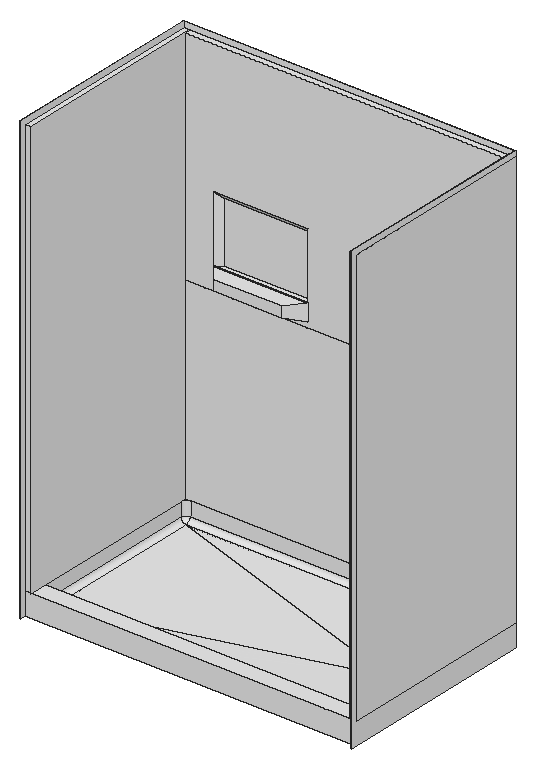
Revit family "5LBS6036SQ.V2 L-R", category Plumbing Fixtures, Revit 2019
Family settings
  Round Connector Dimension = Use Diameter
  Part Type = Normal
  OmniClass Number = 23.45.05.14.17
  OmniClass Title = Showers
  Work Plane-Based = No
  Always vertical = Yes
  Cut with Voids When Loaded = No
  Shared = No
  Room Calculation Point = No
Parameters (values of type "5LBS6030SQ.V2")
  Unit Width = 60"
  Unit Height = 80 1/2"
  Unit Depth = 37"
  URL = "http://www.bestbath.com/"
  Type Comments = "Remodeler"
  Model = "5LBS6030SQ.V2"
  Material [instance] = Best Bath Gelcoat Fiberglass - Smooth
  Manufacturer = "Best Bath Systems, Inc."
  Keynote = "22 40 00.B3"
  Description = "4 x 8 Subway Tile Finish"
  Assembly Code = "D2010710"
Reference planes (in)
  plane 1 "Back": y = -0.5
  plane 2: z = 0
  plane 3 "Left": x = 0
  plane 4: x = 60
  plane 5: z = 4
  plane 6: x = 51.5
  plane 7: y = 35.5
  plane 8: y = 17.5
  plane 9: x = 1.25
  plane 10: x = 58.75
  plane 11: y = 34.25
  plane 12: z = 0.625
  plane 13: z = 0.25
  plane 14: y = -1.5
  plane 15: z = 5
  plane 16: z = 39.5
  plane 17: z = 43.5
  plane 18: z = 80.5
Forms (in)
  Extrusion 1, solid, material "Best Bath Gelcoat Fiberglass - Smooth"
    sketch origin (0, 0, 0) x (1, 0, 0) y (0, 1, 0)
      loop
        line (0, -0.5) -> (1.25, -0.5) -> (1.25, 33.25)
        arc (1.25, 33.25) -> (1.54289, 33.95711) -> (2.25, 34.25) r 1
        line (2.25, 34.25) -> (57.75, 34.25)
        arc (57.75, 34.25) -> (58.45711, 33.95711) -> (58.75, 33.25) r 1
        line (58.75, 33.25) -> (58.75, -0.5) -> (60, -0.5) -> (60, 35.5) -> (0, 35.5) -> (0, -0.5)
    from 0 to 4
  Extrusion 2, solid, material "Best Bath Gelcoat Fiberglass - Smooth"
    sketch origin (0, 0, 0) x (1, 0, 0) y (0, 1, 0)
      loop
        line (0, -0.5) -> (60, -0.5) -> (60, 35.5) -> (0, 35.5) -> (0, -0.5)
    from 0 to 0.625
  Sweep 3, solid, material "Best Bath Gelcoat Fiberglass - Smooth"
    path origin (0, 0, 0) x (1, 0, 0) y (0, 1, 0)
      loop
        line (58.75, -0.5) -> (58.75, 33.25)
        arc (58.75, 33.25) -> (58.45711, 33.95711) -> (57.75, 34.25) r 1
        line (57.75, 34.25) -> (2.25, 34.25)
        arc (2.25, 34.25) -> (1.54289, 33.95711) -> (1.25, 33.25) r 1
        line (1.25, 33.25) -> (1.25, -0.5)
    profile origin (1.25, 16.375, 0) x (1, 0, 0) y (0, 0, 1)
      loop
        line (0, 0.625) -> (0.9, 0.625)
        arc (0.9, 0.625) -> (0.2636, 0.8886) -> (0, 1.525) r 0.9
        line (0, 1.525) -> (0, 0.625)
  Blend 4, void
    base sketch origin (0, 0, 0) x (1, 0, 0) y (0, 1, 0)
      loop
        line (2.25, 3.5147) -> (57.75, 3.5147) -> (57.75, 33.25) -> (2.25, 33.25) -> (2.25, 3.5147)
    top sketch origin (0, 0, 0) x (1, 0, 0) y (0, 1, 0)
      loop
        circle (51.5, 17.5) r 0.10467
    from 0.625 to 0.25
  Sweep 5, solid, material "Best Bath Gelcoat Fiberglass - Smooth"
    path origin (0, 0, 0) x (1, 0, 0) y (0, 1, 0)
      loop
        line (1.25, -0.5) -> (58.75, -0.5)
    profile origin (30, -0.5, 0) x (0, 1, 0) y (0, 0, 1)
      loop
        line (0, 4) -> (0, 0) -> (4.11592, 0) -> (3.00305, 4) -> (0, 4)
  Extrusion 6, solid, material "Best Bath Gelcoat Fiberglass - Smooth"
    sketch origin (0, 0, 0) x (1, 0, 0) y (0, 1, 0)
      loop
        line (0, -1.5) -> (0.125, -1.5) -> (0.125, 35.375) -> (59.875, 35.375) -> (59.875, -1.5) -> (60, -1.5) -> (60, 35.5) -> (0, 35.5) -> (0, -1.5)
    from 5 to 80.5
  Extrusion 7, void
    sketch origin (0, 6, 0.625) x (0, 1, 0) y (1, 0, 0)
      loop
        line (15.5, 49) -> (15.5, 54) -> (7.5, 54) -> (7.5, 49) -> (15.5, 49)
    from 0 to 0.5
  Extrusion 8, void
    sketch origin (21.5, -4, 0.625) x (0, 1, 0) y (1, 0, 0)
      loop
        circle (21.5, 30) r 1.75
    from 0 to 1.25
  Extrusion 9, solid
    sketch origin (0.25, 2, 0.125) x (0, 1, 0) y (-1, 0, 0)
      loop
        line (19.5, -48.75) -> (11.5, -48.75) -> (11.5, -53.75) -> (19.5, -53.75) -> (19.5, -48.75)
    from 0 to 0.25
  Extrusion 10, solid, material "Best Bath Gelcoat Fiberglass - Smooth"
    sketch origin (0, -0.86165, 0) x (1, 0, 0) y (0, 1, 0)
      loop
        line (1.25, 36.36165) -> (1.25, 35.11165) -> (58.75, 35.11165) -> (58.75, 36.36165) -> (1.25, 36.36165)
    from 4 to 39.5
  Extrusion 11, solid, material "Best Bath Gelcoat Fiberglass - Smooth"
    sketch origin (0, -0.86165, 0) x (1, 0, 0) y (0, 1, 0)
      loop
        line (1.25, 36.36165) -> (1.25, 35.11165) -> (58.75, 35.11165) -> (58.75, 36.36165) -> (1.25, 36.36165)
    from 39.5 to 79.5
  Extrusion 12, solid, material "Best Bath Gelcoat Fiberglass - Smooth"
    sketch origin (0.25, -0.86165, 0) x (1, 0, 0) y (0, 1, 0)
      loop
        line (-0.25, 0.36165) -> (1, 0.36165) -> (1, 36.36165) -> (-0.25, 36.36165) -> (-0.25, 0.36165)
      loop
        line (59.75, 0.36165) -> (59.75, 36.36165) -> (58.5, 36.36165) -> (58.5, 0.36165) -> (59.75, 0.36165)
    from 4 to 79.5
  Blend 13, solid, material "Best Bath Gelcoat Fiberglass - Smooth"
    base sketch origin (-32.5625, -38.86165, -0.375) x (1, 0, 0) y (0, 0, 1)
      loop
        line (56, 43.875) -> (39, 43.875) -> (39, 40.875) -> (56, 40.875) -> (56, 43.875)
    top sketch origin (-32.5625, -38.86165, -0.375) x (1, 0, 0) y (0, 0, 1)
      loop
        line (41.375, 43.875) -> (41.375, 42) -> (53.625, 42) -> (53.625, 43.875) -> (41.375, 43.875)
    from -73.11165 to -70.11165
  Blend 14, void
    base sketch origin (-32.5625, -39.36165, -0.375) x (1, 0, 0) y (0, 0, 1)
      loop
        line (39, 43.875) -> (56, 43.875) -> (56, 55.875) -> (39, 55.875) -> (39, 43.875)
    top sketch origin (-32.5625, -39.36165, -0.375) x (1, 0, 0) y (0, 0, 1)
      loop
        line (40, 43.875) -> (55, 43.875) -> (55, 54.875) -> (40, 54.875) -> (40, 43.875)
    from -73.61165 to -74.61165
  Extrusion 15, solid, material "Best Bath Gelcoat Fiberglass - Smooth"
    sketch origin (0, 0, 0) x (1, 0, 0) y (0, 1, 0)
      loop
        line (0, 35.5) -> (0, -1.5) -> (0.125, -1.5) -> (0.125, 35.375) -> (59.875, 35.375) -> (59.875, -1.5) -> (60, -1.5) -> (60, 35.5) -> (0, 35.5)
    from 0 to 5
  Blend 16, solid, material "Best Bath Gelcoat Fiberglass - Smooth"
    base sketch origin (92.5625, -38.86165, -0.375) x (-1, 0, 0) y (0, 0, -1)
      loop
        line (56, -43.875) -> (56, -40.875) -> (39, -40.875) -> (39, -43.875) -> (56, -43.875)
    top sketch origin (92.5625, -38.86165, -0.375) x (-1, 0, 0) y (0, 0, -1)
      loop
        line (41.375, -43.875) -> (53.625, -43.875) -> (53.625, -42) -> (41.375, -42) -> (41.375, -43.875)
    from -73.11165 to -70.11165
  Blend 17, void
    base sketch origin (92.5625, -39.36165, -0.375) x (-1, 0, 0) y (0, 0, -1)
      loop
        line (39, -43.875) -> (39, -55.875) -> (56, -55.875) -> (56, -43.875) -> (39, -43.875)
    top sketch origin (92.5625, -39.36165, -0.375) x (-1, 0, 0) y (0, 0, -1)
      loop
        line (40, -43.875) -> (40, -54.875) -> (55, -54.875) -> (55, -43.875) -> (40, -43.875)
    from -73.61165 to -74.61165
Cuts and joins
  Blend 4, Extrusion 7, Extrusion 8 cuts Extrusion 1
  Blend 4, Extrusion 7, Extrusion 8 cuts Extrusion 2
  Blend 4, Extrusion 7, Extrusion 8 cuts Sweep 3
  Extrusion 7, Extrusion 8 cuts Sweep 5
  Extrusion 7, Extrusion 8 cuts Extrusion 6
  joined: Extrusion 1, Extrusion 2, Sweep 3, Sweep 5, Extrusion 6, Extrusion 15
  Blend 14, Blend 17 cuts Extrusion 11
Dimensions and locks (in)
  "Unit Width": plane 3 "Left" to plane 4
  locked: plane 7 to plane 11 at 1.25
  locked: plane 10 to plane 4 at 1.25
  locked: plane 3 "Left" to plane 9 at 1.25
  locked: plane 7 to plane 8 at 18
  locked: plane 12 to plane 13 at 0.375
  locked: plane 12 to level at 0.625
  locked: plane 14 to plane 1 "Back" at 1
  "Unit Depth": plane 7 to plane 14
  "Unit Height": plane 18 to level
  locked: plane 16 to plane 5 at 35.5
  locked: plane 17 to plane 5 at 39.5
  locked: plane 6 to plane 4 at 8.5
  locked: Blend 14 sketch curve to Blend 14 sketch curve at 17
  locked: Blend 14 sketch curve to plane 17 at 12
  locked: Blend 14 sketch curve to plane 3 "Left" at 6.4375
  locked: var sketch to Blend 14 sketch curve at 1  (x3)
  Blend 14 sketch curve to Blend 13 = 11"
  locked: var sketch to Blend 13 sketch curve at 2.375
  locked: Blend 13 sketch curve to var sketch at 2.375
  locked: Blend 13 sketch curve to var sketch at 1.125
  locked: plane 17 to Blend 13 sketch curve at 3
  locked: Blend 17 sketch curve to Blend 17 sketch curve at 17
  locked: Blend 17 sketch curve to var sketch at 1
  locked: var sketch to Blend 17 sketch curve at 1  (x2)
  Blend 16 to Blend 17 sketch curve = 11"
  locked: var sketch to Blend 16 sketch curve at 2.375
  locked: Blend 16 sketch curve to var sketch at 2.375
  locked: var sketch to Blend 16 sketch curve at 1.125
  aligned and locked: level to plane 2
  aligned and locked: Sweep 3 to plane 12
  aligned and locked: Sweep 3 sketch curve to plane 12
  aligned and locked: Extrusion 2 to plane 12
  aligned and locked: plane 8 to Blend 4 sketch curve
  aligned and locked: plane 6 to Blend 4 sketch curve
  aligned and locked: Extrusion 2 to Blend 4
  aligned and locked: Blend 4 to plane 13
  aligned and locked: plane 5 to Extrusion 1
  aligned and locked: plane 5 to Sweep 5
  aligned and locked: Extrusion 9 to cut or joined group 1 (Extrusion 1, Extrusion 2, Sweep 3, Blend 4, Sweep 5, Extrusion 6, Extrusion 7, Extrusion 8, Extrusion 15)  (x3)
  aligned and locked: cut or joined group 1 to Extrusion 9
  aligned and locked: Extrusion 11 to Extrusion 10
  aligned and locked: Extrusion 15 to Extrusion 6
  aligned and locked: plane 18 to Extrusion 6
  aligned and locked: Blend 14 sketch curve to plane 17  (x2)
  aligned and locked: Blend 13 sketch curve to cut or joined group of Extrusion 11, Blend 14, Blend 17  (x2)
Automatic sketch dimensions
  Extrusion 1 sketch curve to plane 3 "Left" = 0"
  Extrusion 1 sketch curve to plane 9 = 0"
  Extrusion 1 sketch curve to plane 11 = 0"
  plane 1 "Back" to Extrusion 1 sketch curve = 0"  (x2)
  Extrusion 1 sketch curve to plane 10 = 0"
  Extrusion 1 sketch curve to plane 4 = 0"
  Extrusion 1 sketch curve to plane 7 = 0"
  plane 9 to Extrusion 1 sketch curve = 1"
  Extrusion 1 sketch curve to plane 10 = 1"
  Extrusion 2 sketch curve to plane 3 "Left" = 0"
  Extrusion 2 sketch curve to plane 4 = 0"
  plane 1 "Back" to Extrusion 2 sketch curve = 0"
  Extrusion 2 sketch curve to plane 7 = 0"
  plane 1 "Back" to Sweep 3 sketch curve = 0"  (x2)
  Sweep 3 sketch curve to plane 9 = 0"
  Sweep 3 sketch curve to plane 11 = 0"
  Sweep 3 sketch curve to plane 10 = 0"
  plane 9 to Sweep 3 sketch curve = 1"
  Sweep 3 sketch curve to Sweep 3 sketch curve = 1"
  profile plane to Sweep 3 sketch curve = 0"
  Sweep 3 sketch curve to profile plane = 0.9"
  plane 9 to Blend 4 sketch curve = 1"
  Blend 4 sketch curve to plane 10 = 1"
  Blend 4 sketch curve to plane 1 "Back" = 4.0147"
  Blend 4 sketch curve to plane 11 = 1"
  plane 1 "Back" to Sweep 5 sketch curve = 0"
  Sweep 5 sketch curve to plane 9 = 0"
  Sweep 5 sketch curve to plane 10 = 0"
  Sweep 5 sketch curve to level = 0"
  Sweep 5 sketch curve to profile plane = 0"
  Sweep 5 sketch curve to Sweep 5 sketch curve = 3.00305"
  Sweep 5 sketch curve to Sweep 5 sketch curve = 4.11592"
  level to Sweep 5 sketch curve = 4"
  Extrusion 6 sketch curve to plane 3 "Left" = 0"
  Extrusion 6 sketch curve to plane 14 = 0"  (x2)
  Extrusion 6 sketch curve to plane 4 = 0"
  Extrusion 6 sketch curve to plane 7 = 0"
  plane 3 "Left" to Extrusion 6 sketch curve = 1/8"
  plane 4 to Extrusion 6 sketch curve = 1/8"
  Extrusion 6 sketch curve to plane 7 = 1/8"
  Extrusion 7 sketch curve to Extrusion 2 = 14"
  Extrusion 7 sketch curve to Extrusion 7 sketch curve = 8"
  Extrusion 7 sketch curve to Extrusion 2 = 6"
  Extrusion 7 sketch curve to Extrusion 7 sketch curve = 5"
  Extrusion 8 sketch curve to Extrusion 2 = 8 1/2"
  Extrusion 8 sketch curve to Extrusion 2 = 18"
  Extrusion 9 sketch curve to Extrusion 7 = 0"  (x4)
  Extrusion 10 sketch curve to plane 9 = 0"
  Extrusion 10 sketch curve to plane 10 = 0"
  Extrusion 10 sketch curve to plane 11 = 0"
  Extrusion 10 sketch curve to plane 7 = 0"
  Extrusion 11 sketch curve to plane 9 = 0"
  Extrusion 11 sketch curve to plane 10 = 0"
  Extrusion 11 sketch curve to plane 11 = 0"
  Extrusion 11 sketch curve to plane 7 = 0"
  Extrusion 12 sketch curve to plane 3 "Left" = 0"
  plane 1 "Back" to Extrusion 12 sketch curve = 0"  (x2)
  Extrusion 12 sketch curve to plane 9 = 0"
  Extrusion 12 sketch curve to plane 7 = 0"  (x2)
  Extrusion 12 sketch curve to plane 10 = 0"
  Extrusion 12 sketch curve to plane 4 = 0"
  Blend 13 sketch curve to plane 17 = 0"  (x2)
  Extrusion 15 sketch curve to plane 3 "Left" = 0"
  Extrusion 15 sketch curve to plane 14 = 0"  (x2)
  Extrusion 15 sketch curve to plane 4 = 0"
  Extrusion 15 sketch curve to plane 7 = 0"
  plane 3 "Left" to Extrusion 15 sketch curve = 1/8"
  plane 4 to Extrusion 15 sketch curve = 1/8"
  Extrusion 15 sketch curve to plane 7 = 1/8"
  Blend 16 sketch curve to plane 17 = 0"  (x2)
  Blend 16 sketch curve to plane 6 = 2 1/16"
  plane 16 to Blend 16 sketch curve = 1"
  plane 6 to Blend 16 sketch curve = 14 15/16"
  Blend 17 sketch curve to plane 17 = 0"  (x2)
  Blend 17 sketch curve to plane 6 = 2 1/16"
  Blend 17 sketch curve to Blend 17 sketch curve = 12"
  radius of Blend 4 sketch curve = 0.10467"
  radius of Extrusion 8 sketch curve = 1 3/4"
